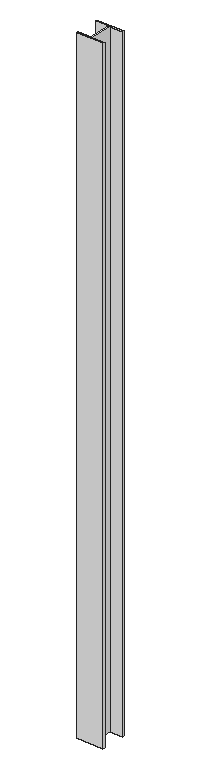
Revit family "39e5bfe140404d3da773a165eb8351ee", category Structural Foundations, Revit 2021
Family settings
  Material for Model Behavior = Steel
  Cap = No
  OmniClass Number = 23.25.05.11.14.21
  OmniClass Title = Rolled Steel Section Driven Piles
  Seek Item ID = Pile-HP Shape-0000-USA-ENU
  Work Plane-Based = No
  Always vertical = Yes
  Cut with Voids When Loaded = No
  Shared = Yes
Parameters (values of type "HP10X57")
  tw = 0' - 0 145/256"
  tf = 0' - 0 145/256"
  k = 0' - 1 1/4"
  d = 0' - 9 253/256"
  bf = 0' - 10 29/128"
  W = 57
  Structural Material [instance] = Steel ASTM A572
  Minimum Embedment = 0' - 6"
  Depth = 20' - 0"
  Assembly Code = "A1020140"
  A = 0.12 SF
Types (11): name | tw | tf | k | d | bf | W | A
  HP10X57 | 0' - 0 145/256" | 0' - 0 145/256" | 0' - 1 1/4" | 0' - 9 253/256" | 0' - 10 29/128" | 57 | 0.12 SF
  HP8X36 | 0' - 0 57/128" | 0' - 0 57/128" | 0' - 1 1/8" | 0' - 8 5/256" | 0' - 8 5/32" | 36 | 0.07 SF
  HP10X42 | 0' - 0 27/64" | 0' - 0 27/64" | 0' - 1 1/8" | 0' - 9 179/256" | 0' - 10 19/256" | 42 | 0.09 SF
  HP12X53 | 0' - 0 111/256" | 0' - 0 111/256" | 0' - 1 1/8" | 0' - 11 25/32" | 1' - 0 3/64" | 53 | 0.11 SF
  HP12X63 | 0' - 0 33/64" | 0' - 0 33/64" | 0' - 1 1/4" | 0' - 11 241/256" | 1' - 0 1/8" | 63 | 0.13 SF
  HP12X74 | 0' - 0 39/64" | 0' - 0 39/64" | 0' - 1 5/16" | 1' - 0 33/256" | 1' - 0 55/256" | 74 | 0.15 SF
  HP12X84 | 0' - 0 175/256" | 0' - 0 175/256" | 0' - 1 3/8" | 1' - 0 9/32" | 1' - 0 19/64" | 84 | 0.17 SF
  HP14X73 | 0' - 0 129/256" | 0' - 0 129/256" | 0' - 1 3/16" | 1' - 1 39/64" | 1' - 2 75/128" | 73 | 0.15 SF
  HP14X89 | 0' - 0 157/256" | 0' - 0 157/256" | 0' - 1 5/16" | 1' - 1 53/64" | 1' - 2 89/128" | 89 | 0.18 SF
  HP14X102 | 0' - 0 45/64" | 0' - 0 45/64" | 0' - 1 3/8" | 1' - 2 3/256" | 1' - 2 201/256" | 102 | 0.21 SF
  HP14X117 | 0' - 0 103/128" | 0' - 0 103/128" | 0' - 1 1/2" | 1' - 2 27/128" | 1' - 2 227/256" | 117 | 0.24 SF
Reference planes (in)
  plane 1 "Center (Front/Back)": y = 0
  plane 2: z = 0
  plane 3 "Center (Left/Right)": x = 0
  plane 4: z = -240
  plane 5: z = 6
Forms (in)
  Sweep 1, solid, material "Steel ASTM A572" <- "Structural Material"
    path origin (0, 0, 0) x (1, 0, 0) y (0, 0, 1)
      loop
        line (0, 6) -> (0, -240)
    profile "HP-Bearing Pile-Profile-Medium : HP-Bearing Pile-Profile-Medium" origin (0, 0, -117) x (1, 0, 0) y (0, -1, 0)
      loop
        line (-5.11328, -4.99414) -> (5.11328, -4.99414) -> (5.11328, -4.42773) -> (0.2832, -4.42773) -> (0.2832, 4.42773) -> (5.11328, 4.42773) -> (5.11328, 4.99414) -> (-5.11328, 4.99414) -> (-5.11328, 4.42773) -> (-0.2832, 4.42773) -> (-0.2832, -4.42773) -> (-5.11328, -4.42773) -> (-5.11328, -4.99414)
Dimensions and locks (in)
  "Depth": plane 2 to plane 4
  "Minimum Embedment": plane 5 to plane 2
  aligned and locked: plane 5 to Sweep 1 sketch curve
  aligned and locked: plane 4 to Sweep 1 sketch curve
  aligned and locked: Sweep 1 sketch curve to plane 3 "Center (Left/Right)"
